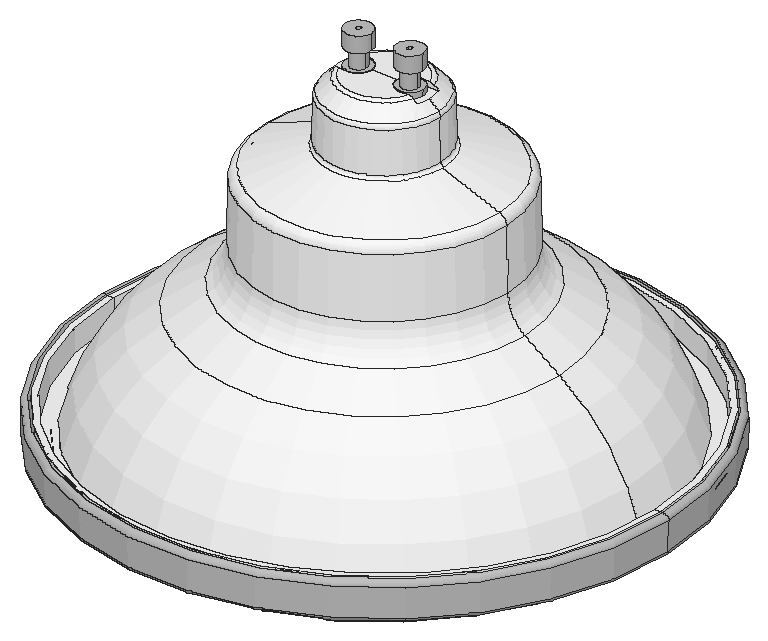
Revit family "STL21422_27_30_40", category Luminárias, Revit 2023
Family settings
  Cota do conector redondo = Utilizar diâmetro
  Tipo de parte = Normal
  Com base no plano de trabalho = Não
  Sempre na vertical = Sim
  Corte com vazios quando carregada = Não
  Fonte luminosa = Sim
  Manter orientação da anotação = Não
  Compartilhado = Não
  Ponto de cálculo do ambiente = Não
Parameters (values of type "STL21422/27 - BIVOLT - 2700K - 700lm - 10°")
  Ângulo de inclinação = 90.00°
  Ângulo de Abertura = "10°"
  Wattage = 4.71247 W
  URL = "https://stella.com.br/"
  Troca de temperatura da cor de lâmpada com esmaecimento = <Nenhum>
  Tensão Elétrica = "100V-240V"
  built-in parameter 1150107 = 2700 (stored number, unit not read)
  Temperatura da cor (K) = 2700 K
  Referência = "STL21422/27"
  Potência = 11 W
  built-in parameter 1150110 = 1 (stored number, unit not read)
  built-in parameter 1150109 = 1 (stored number, unit not read)
  built-in parameter 1114218 = 1 (stored number, unit not read)
  built-in parameter 1150112 = 1 (stored number, unit not read)
  built-in parameter 1150113 = 1 (stored number, unit not read)
  built-in parameter 1150142 = "IESNA:LM-63-2002\r\n[TEST] Viso BaseSpion - serial: 2183678036 sensor serial: 1483989726\r\n[TESTLAB] Viso BaseSpion - serial: 2183678036 sensor serial: 1483989726 - Test lab\r\n[MANUFAC] N/A\r\n[ISSUEDATE] 23/11/2021\r\n[LUMINAIRE] STELLA - STL21422/27 - AR111 PRO 10° 11W\r\n[LUMCAT] N/A\r\n[_SERIALNUMBER] VFR-211123-4417-MS\r\nTILT=NONE\r\n1 750 1 91 1 1 2 -0.089 -0.089 0.069\r\n1.0 1.0 10.97\r\n0 1 2 3 4 5 6 7 8 9 10 11 12 13 14 15 16 17 18 19 20 21 22 23 24 25 26 27 28 29 30 31 32 33 34 35 36 37 38 39 40 41 42 43 44 45 46 47 48 49 50 51 52 53 54 55 56 57 58 59 60 61 62 63 64 65 66 67 68 69 70 71 72 73 74 75 76 77 78 79 80\r\n 81 82 83 84 85 86 87 88 89 90\r\n0 \r\n11697.701172 11395.264648 10560.015625 9352.648438 7900.870605 6360.287109 4875.999023 3544.212891 2443.962891 1623.86377 1060.729736 696.118469 477.663208 353.459106 284.181244 244.222961 219.323639 201.769791 188.219971 177.499512\r\n 168.725006 161.51593 155.697067 150.204819 144.357605 138.20282 132.492035 127.649124 123.017288 118.921402 115.134232 110.48037 104.392754 97.429138 90.474854 83.481697 77.07811 71.221184 65.825531 61.25304 57.180248 53.60289 49.733013\r\n 45.587173 41.541962 37.775192 35.850868 36.013527 37.532085 40.420471 45.049885 51.324116 58.987396 67.732094 77.48558 88.499062 97.67363 102.257881 102.884636 98.260727 85.898407 67.417404 47.405693 30.300114 16.647812 6.002938 1.121808\r\n 0.470619 0.403528 0.325399 0.346613 0.372404 0.371117 0.352985 0.325324 0.339929 0.367944 0.367902 0.402675 0.418654 0.402729 0.373529 0.325737 0.311782 0.347487 0.405184 0.350939 0.313241 0.34142 0.367122 0.251255\r\n"
  built-in parameter 1150132 = 2
  built-in parameter 1150137 = (empty or 0)
  Modelo = "AR111 PRO 10º 11W\r\nAR70 PRO 7º 4,7W\r\nAR 70 PRO 7º 4,7W"
  Luminoso [instance] = Luminoso - 2700K
  built-in parameter 1150106 = 217.91 (stored number, unit not read)
  built-in parameter 1150102 = (empty or 0)
  built-in parameter 1150105 = 21791.1 (stored number, unit not read)
  IRC (Índice de reprodução de cores) = ">95 (R9>80)"
  Grau de proteção (IP) = "IP20"
  Fluxo Luminoso = 700 lm
  Color Filter = 16777215
  built-in parameter 1114217 = 1 (stored number, unit not read)
  built-in parameter 1150139 = (empty or 0)
  Fabricante = "Stella"
  Estrutura [instance] = Al - Branco
  Default Elevation = 0.00 m
  built-in parameter 1150104 = 13.8 (stored number, unit not read)
  Diâmetro = 0.111 m
  Dimerização = "Não dimerizável"
  built-in parameter 1150115 = 1 (stored number, unit not read)
  built-in parameter 1150114 = 1 (stored number, unit not read)
  Cromado [instance] = Cromado
  Lumens = 700 lm
  built-in parameter 1150138 = (empty or 0)
  built-in parameter 1150134 = (empty or 0)
  Arquivo de rede fotométrica = "STELLA - STL21422-27 - AR111 PRO 10° 11W.ies"
  Altura = 0.073 m
  built-in parameter 1150133 = 10 (stored number, unit not read)
Types (4, lengths in m): name | Wattage | built-in parameter 1150107 | Temperatura da cor (K) | Referência | built-in parameter 1150142 | Luminoso | built-in parameter 1150106 | built-in parameter 1150105 | Fluxo Luminoso | Lumens | built-in parameter 1150134 | Arquivo de rede fotométrica
  (no name) | 4.71247 W | 2700 (stored number, unit not read) | 2700 K | "STL21422/27" | "IESNA:LM-63-2002\r\n[TEST] Viso BaseSpion - serial: 2183678036 sensor serial: 1483989726\r\n[TESTLAB] Viso BaseSpion - serial: 2183678036 sensor serial: 1483989726 - Test lab\r\n[MANUFAC] N/A\r\n[ISSUEDATE] 23/11/2021\r\n[LUMINAIRE] STELLA - STL21422/27 - AR111 PRO 10° 11W\r\n[LUMCAT] N/A\r\n[_SERIALNUMBER] VFR-211123-4417-MS\r\nTILT=NONE\r\n1 750 1 91 1 1 2 -0.089 -0.089 0.069\r\n1.0 1.0 10.97\r\n0 1 2 3 4 5 6 7 8 9 10 11 12 13 14 15 16 17 18 19 20 21 22 23 24 25 26 27 28 29 30 31 32 33 34 35 36 37 38 39 40 41 42 43 44 45 46 47 48 49 50 51 52 53 54 55 56 57 58 59 60 61 62 63 64 65 66 67 68 69 70 71 72 73 74 75 76 77 78 79 80\r\n 81 82 83 84 85 86 87 88 89 90\r\n0 \r\n11697.701172 11395.264648 10560.015625 9352.648438 7900.870605 6360.287109 4875.999023 3544.212891 2443.962891 1623.86377 1060.729736 696.118469 477.663208 353.459106 284.181244 244.222961 219.323639 201.769791 188.219971 177.499512\r\n 168.725006 161.51593 155.697067 150.204819 144.357605 138.20282 132.492035 127.649124 123.017288 118.921402 115.134232 110.48037 104.392754 97.429138 90.474854 83.481697 77.07811 71.221184 65.825531 61.25304 57.180248 53.60289 49.733013\r\n 45.587173 41.541962 37.775192 35.850868 36.013527 37.532085 40.420471 45.049885 51.324116 58.987396 67.732094 77.48558 88.499062 97.67363 102.257881 102.884636 98.260727 85.898407 67.417404 47.405693 30.300114 16.647812 6.002938 1.121808\r\n 0.470619 0.403528 0.325399 0.346613 0.372404 0.371117 0.352985 0.325324 0.339929 0.367944 0.367902 0.402675 0.418654 0.402729 0.373529 0.325737 0.311782 0.347487 0.405184 0.350939 0.313241 0.34142 0.367122 0.251255\r\n" | Luminoso - 2700K | 217.91 (stored number, unit not read) | 21791.1 (stored number, unit not read) | 700 lm | 700 lm | (empty or 0) | "STELLA - STL21422-27 - AR111 PRO 10° 11W.ies"
  STL21422/27 - BIVOLT - 2700K - 700lm - 10° | 4.71247 W | 2700 (stored number, unit not read) | 2700 K | "STL21422/27" | "IESNA:LM-63-2002\r\n[TEST] Viso BaseSpion - serial: 2183678036 sensor serial: 1483989726\r\n[TESTLAB] Viso BaseSpion - serial: 2183678036 sensor serial: 1483989726 - Test lab\r\n[MANUFAC] N/A\r\n[ISSUEDATE] 23/11/2021\r\n[LUMINAIRE] STELLA - STL21422/27 - AR111 PRO 10° 11W\r\n[LUMCAT] N/A\r\n[_SERIALNUMBER] VFR-211123-4417-MS\r\nTILT=NONE\r\n1 750 1 91 1 1 2 -0.089 -0.089 0.069\r\n1.0 1.0 10.97\r\n0 1 2 3 4 5 6 7 8 9 10 11 12 13 14 15 16 17 18 19 20 21 22 23 24 25 26 27 28 29 30 31 32 33 34 35 36 37 38 39 40 41 42 43 44 45 46 47 48 49 50 51 52 53 54 55 56 57 58 59 60 61 62 63 64 65 66 67 68 69 70 71 72 73 74 75 76 77 78 79 80\r\n 81 82 83 84 85 86 87 88 89 90\r\n0 \r\n11697.701172 11395.264648 10560.015625 9352.648438 7900.870605 6360.287109 4875.999023 3544.212891 2443.962891 1623.86377 1060.729736 696.118469 477.663208 353.459106 284.181244 244.222961 219.323639 201.769791 188.219971 177.499512\r\n 168.725006 161.51593 155.697067 150.204819 144.357605 138.20282 132.492035 127.649124 123.017288 118.921402 115.134232 110.48037 104.392754 97.429138 90.474854 83.481697 77.07811 71.221184 65.825531 61.25304 57.180248 53.60289 49.733013\r\n 45.587173 41.541962 37.775192 35.850868 36.013527 37.532085 40.420471 45.049885 51.324116 58.987396 67.732094 77.48558 88.499062 97.67363 102.257881 102.884636 98.260727 85.898407 67.417404 47.405693 30.300114 16.647812 6.002938 1.121808\r\n 0.470619 0.403528 0.325399 0.346613 0.372404 0.371117 0.352985 0.325324 0.339929 0.367944 0.367902 0.402675 0.418654 0.402729 0.373529 0.325737 0.311782 0.347487 0.405184 0.350939 0.313241 0.34142 0.367122 0.251255\r\n" | Luminoso - 2700K | 217.91 (stored number, unit not read) | 21791.1 (stored number, unit not read) | 700 lm | 700 lm | (empty or 0) | "STELLA - STL21422-27 - AR111 PRO 10° 11W.ies"
  STL21422/30 - BIVOLT - 3000K - 720lm - 10° | 4.84712 W | 3000 (stored number, unit not read) | 3000 K | "STL21422/30" | "IESNA:LM-63-2002\r\n[TEST] Viso BaseSpion - serial: 2183678036 sensor serial: 1483989726\r\n[TESTLAB] Viso BaseSpion - serial: 2183678036 sensor serial: 1483989726 - Test lab\r\n[MANUFAC] See\r\n[ISSUEDATE] 23/11/2021\r\n[LUMINAIRE] STELLA - STL21422/30 - AR111 PRO 10° 11W\r\n[LUMCAT] N/A\r\n[_SERIALNUMBER] VFR-211123-4419-MS\r\nTILT=NONE\r\n1 827 1 91 3 1 2 -0.089 -0.089 0.069\r\n1.0 1.0 11.22\r\n0 1 2 3 4 5 6 7 8 9 10 11 12 13 14 15 16 17 18 19 20 21 22 23 24 25 26 27 28 29 30 31 32 33 34 35 36 37 38 39 40 41 42 43 44 45 46 47 48 49 50 51 52 53 54 55 56 57 58 59 60 61 62 63 64 65 66 67 68 69 70 71 72 73 74 75 76 77 78 79 80\r\n 81 82 83 84 85 86 87 88 89 90\r\n0 45 90 \r\n14336.496094 13927.223633 12680.427734 10999.682617 9125.163086 7192.825195 5318.276367 3643.226074 2288.655273 1351.159912 796.796326 508.441986 365.417572 291.327393 250.631882 225.5056 208.140457 197.293762 190.497101 184.793854\r\n 178.60054 171.839691 165.153381 158.558365 152.409042 145.990265 139.890396 134.997894 130.246124 124.9925 121.271507 118.292137 114.21106 109.179787 103.599396 96.408882 88.441711 81.302559 74.242577 68.19281 64.211647 60.935368\r\n 55.732178 48.94735 42.612408 37.988159 35.006145 33.330753 33.458004 34.860462 38.185078 44.198105 53.255211 65.277756 79.703346 95.728317 111.640907 122.544571 122.012749 109.642303 90.649368 68.569443 45.347469 23.233086 7.355046\r\n 1.368076 0.751219 0.562369 0.566202 0.648038 0.61337 0.617568 0.69466 0.730509 0.634276 0.585473 0.575653 0.598247 0.5272 0.373708 0.442741 0.490782 0.445168 0.5741 0.562444 0.666147 0.699982 0.550023 0.490609 0.44852 0.259444\r\n14336.496094 13778.291992 12677.858398 11097.091797 9242.421875 7321.322754 5480.236816 3839.204102 2518.526367 1573.138428 971.731323 623.628723 435.996857 337.070404 280.99823 246.455093 223.821152 208.040756 196.371094 187.544083\r\n 179.74147 172.568558 166.007187 159.26741 152.403168 145.588882 139.451599 134.060974 129.18779 125.101295 122.363861 119.872314 116.580025 111.351692 104.105743 95.373573 86.816147 78.819618 71.198891 65.345215 61.316071 57.483017\r\n 52.995426 47.616604 42.004845 38.02412 35.764992 34.963215 35.42107 37.422024 41.788197 47.986813 56.702984 67.77533 81.042252 96.551292 111.178093 120.256882 121.940674 114.995651 100.227104 80.517357 58.167568 35.943375 17.933186\r\n 6.903247 1.893008 0.721504 0.644245 0.629917 0.618799 0.577538 0.529461 0.561126 0.637822 0.620576 0.469027 0.442619 0.582053 0.504689 0.359015 0.515123 0.580378 0.476671 0.476105 0.586363 0.582463 0.623643 0.613757 0.575051 0.32448\r\n14336.496094 14028.943359 12918.055664 11414.169922 9609.884766 7679.35498 5835.850098 4249.276855 2960.162109 1955.039063 1235.25061 780.922058 524.925232 387.528809 312.989044 268.842896 239.023682 217.508957 200.735352 187.99913\r\n 178.64473 170.342422 162.210327 154.790253 147.684814 141.111588 134.779053 130.01358 127.143837 125.737473 125.096962 123.421173 119.238365 112.283936 104.172699 94.701553 86.219727 78.603691 71.762199 65.59494 61.271091 56.413254\r\n 49.979221 44.659492 41.180889 39.154167 37.053844 36.148827 37.349529 41.840179 48.643169 57.104889 65.687477 75.154465 85.637253 98.429268 109.981613 115.567413 116.869919 113.091934 103.809166 86.922379 65.934792 43.765854 29.408089\r\n 18.334995 7.916929 1.835283 0.654782 0.67158 0.526756 0.461012 0.465743 0.57417 0.822002 0.671718 0.56103 0.720285 0.639631 0.592689 0.641101 0.615942 0.68195 0.616152 0.700334 0.444723 0.541052 0.47445 0.509997 0.615533 0.469673\r\n" | Luminoso - 3000K | 112.3 (stored number, unit not read) | 11229.8 (stored number, unit not read) | 720 lm | 720 lm | (empty or 0) | "STELLA - STL21422-30 - AR111 PRO 10° 11W.ies"
  STL21422/40 - BIVOLT - 4000K - 740lm - 10° | 4.98176 W | 4000 (stored number, unit not read) | 4000 K | "STL21422/40" | "IESNA:LM-63-2002\r\n[TEST] Viso BaseSpion - serial: 2183678036 sensor serial: 1483989726\r\n[TESTLAB] Viso BaseSpion - serial: 2183678036 sensor serial: 1483989726 - Test lab\r\n[MANUFAC] N/A\r\n[ISSUEDATE] 06/06/2023\r\n[LUMINAIRE] STELLA - STL21422/40 - AR111 PRO 10°\r\n[LUMCAT] N/A\r\n[_SERIALNUMBER] VFR-230606-9274-MS\r\nTILT=NONE\r\n1 740 1 91 1 1 2 -0.089 -0.089 0\r\n1.0 1.0 10.79\r\n0 1 2 3 4 5 6 7 8 9 10 11 12 13 14 15 16 17 18 19 20 21 22 23 24 25 26 27 28 29 30 31 32 33 34 35 36 37 38 39 40 41 42 43 44 45 46 47 48 49 50 51 52 53 54 55 56 57 58 59 60 61 62 63 64 65 66 67 68 69 70 71 72 73 74 75 76 77 78 79 80\r\n 81 82 83 84 85 86 87 88 89 90\r\n0 \r\n13867.663086 13381.628906 12181.44043 10531.922852 8697.758789 6820.490234 4996.44043 3366.042969 2080.511719 1210.485352 709.056091 454.974091 337.965149 284.740234 259.181854 245.727951 235.040802 223.394363 212.258514 201.573959\r\n 191.677032 182.695313 174.050354 164.977524 156.575867 151.16127 146.108963 139.69075 133.459656 127.64257 122.739128 117.06971 109.986687 101.40757 91.840302 82.206429 71.75013 61.098259 50.203201 40.699894 34.366096 31.282974 29.322763\r\n 27.000261 24.090405 21.026272 18.854881 17.316051 16.967255 18.017231 21.545118 27.979399 37.980122 50.378765 65.134758 80.986526 97.418579 112.879303 120.921005 116.257454 102.946236 85.566147 65.510948 41.809616 17.627676 3.471444\r\n 0.491877 0.303419 0.284788 0.283702 0.319199 0.252956 0.265335 0.264575 0.289064 0.251251 0.224156 0.255411 0.254892 0.225427 0.216105 0.256464 0.224877 0.224021 0.226721 0.298329 0.24962 0.287474 0.228165 0.196396 0.188336\r\n" | Luminoso - 4000K | 138.68 (stored number, unit not read) | 13867.7 (stored number, unit not read) | 740 lm | 740 lm | 12 | "STELLA - STL21422-40 - AR111 PRO 10°.ies"
Reference planes (m)
  plane 1 "Centro (Frente/Trás)": y = 0
  plane 2: z = 0
  plane 3 "Centro (Esquerda/Direita)": x = 0
  plane 4: x = 0.0555
  plane 5: x = -0.0555
  plane 6 "Superior": z = 0.069061
  plane 7 "Base": z = -0.003939
  plane 8: y = 0.0555
  plane 9: y = -0.0555
Forms (m)
  Revolve 1, solid, material "Al - Branco" <- "Estrutura"
    sketch origin (0, 0, 0) x (1, 0, 0) y (0, 0, 1)
      loop
        line (0.007285, 0.06273) -> (0, 0.06273) -> (0, 0.06113) -> (0.007693, 0.06113) -> (0.009652, 0.059171) -> (0.009795, 0.051003)
        arc (0.009795, 0.051003) -> (0.010072, 0.050161) -> (0.010775, 0.049622) r 0.0015
        line (0.010775, 0.049622) -> (0.022, 0.04548)
        arc (0.022, 0.04548) -> (0.022375, 0.045192) -> (0.022523, 0.044743) r 0.0008
        line (0.022523, 0.044743) -> (0.022724, 0.033247)
        arc (0.022724, 0.033247) -> (0.023752, 0.029177) -> (0.026481, 0.025988) r 0.0092
        arc (0.026481, 0.025988) -> (0.029879, 0.023602) -> (0.033372, 0.021357) r 0.1012
        arc (0.033372, 0.021357) -> (0.043002, 0.012443) -> (0.048493, 0.000524) r 0.03367
        arc (0.048493, 0.000524) -> (0.048717, 0.000171) -> (0.049111, 0.00003) r 0.000645
        line (0.049111, 0.00003) -> (0.053097, 0.00003) -> (0.053658, 0.000966) -> (0.053658, 0.004405) -> (0.053599, 0.00553) -> (0.052541, 0.00553) -> (0.052428, 0.00123) -> (0.049555, 0.00123)
        arc (0.049555, 0.00123) -> (0.043844, 0.013325) -> (0.034, 0.02238) r 0.03487
        arc (0.034, 0.02238) -> (0.030549, 0.024598) -> (0.027191, 0.026956) r 0.1
        arc (0.027191, 0.026956) -> (0.024818, 0.029729) -> (0.023923, 0.033268) r 0.008
        line (0.023923, 0.033268) -> (0.023723, 0.044764)
        arc (0.023723, 0.044764) -> (0.023354, 0.045887) -> (0.022415, 0.046605) r 0.002
        line (0.022415, 0.046605) -> (0.011441, 0.050654)
        arc (0.011441, 0.050654) -> (0.011096, 0.050932) -> (0.010989, 0.051361) r 0.000694
        line (0.010989, 0.051361) -> (0.010853, 0.059153)
        arc (0.010853, 0.059153) -> (0.010757, 0.059629) -> (0.010487, 0.060033) r 0.00125
        line (0.010487, 0.060033) -> (0.008083, 0.062437)
        arc (0.008083, 0.062437) -> (0.007716, 0.062671) -> (0.007285, 0.06273) r 0.001012
      axis (0, 0.06273) -> (0, 0.00003)
    angle from 0 to 360
  Revolve 2, solid, material "Cromado" <- "Cromado"
    sketch origin (0, 0, 0) x (1, 0, 0) y (0, 0, 1)
      loop
        line (0.054096, 0.005561) -> (0.053701, 0.004561) -> (0.054001, 0.00375) -> (0.053798, -0.000139) -> (0.050537, -0.000139)
        arc (0.050537, -0.000139) -> (0.050464, -0.000543) -> (0.050177, -0.000839) r 0.000705
        line (0.050177, -0.000839) -> (0.049377, -0.000839) -> (0.049288, -0.002539) -> (0.047504, -0.002539)
        arc (0.047504, -0.002539) -> (0.046652, -0.002206) -> (0.045847, -0.001774) r 0.0076
        arc (0.045847, -0.001774) -> (0.037327, 0.011832) -> (0.027196, 0.024285) r 0.130023
        line (0.027196, 0.024285) -> (0.025493, 0.02558)
        arc (0.025493, 0.02558) -> (0.025099, 0.025834) -> (0.024636, 0.025909) r 0.001143
        line (0.024636, 0.025909) -> (0.02024, 0.025909) -> (0.020198, 0.026708) -> (0.018699, 0.026708) -> (0.01875, 0.024759) -> (0.024373, 0.024759)
        arc (0.024373, 0.024759) -> (0.024777, 0.024674) -> (0.025112, 0.024432) r 0.001
        arc (0.025112, 0.024432) -> (0.035614, 0.01181) -> (0.04443, -0.002043) r 0.129217
        arc (0.04443, -0.002043) -> (0.044708, -0.002406) -> (0.04506, -0.002696) r 0.002
        arc (0.04506, -0.002696) -> (0.046536, -0.003463) -> (0.04813, -0.003939) r 0.0088
        line (0.04813, -0.003939) -> (0.050354, -0.003939)
        arc (0.050354, -0.003939) -> (0.050706, -0.003794) -> (0.050854, -0.003443) r 0.0005
        line (0.050854, -0.003443) -> (0.050867, -0.001934)
        arc (0.050867, -0.001934) -> (0.051015, -0.001583) -> (0.051367, -0.001439) r 0.0005
        line (0.051367, -0.001439) -> (0.054482, -0.001439)
        arc (0.054482, -0.001439) -> (0.054898, -0.001279) -> (0.055079, -0.000873) r 0.000581
        line (0.055079, -0.000873) -> (0.05522, 0.00453)
        arc (0.05522, 0.00453) -> (0.054893, 0.005302) -> (0.054096, 0.005561) r 0.001011
      axis (0, 0.026708) -> (0, -0.003939)
    angle from 0 to 360
  Revolve 3, solid, material "Cromado" <- "Cromado"
    sketch origin (0, 0, 0) x (1, 0, 0) y (0, 0, 1)
      loop
        line (-0.01728, 0.008359) -> (0, 0.008359) -> (0, 0.018349) -> (-0.003355, 0.018349) -> (-0.00346, 0.016349) -> (-0.007257, 0.016349) -> (-0.009669, 0.025349) -> (-0.01429, 0.025349) -> (-0.0145, 0.028349) -> (-0.02295, 0.028349) -> (-0.02295, 0.026909) -> (-0.0185, 0.026909) -> (-0.017653, 0.026909)
        arc (-0.017653, 0.026909) -> (-0.013689, 0.020076) -> (-0.007514, 0.015149) r 0.021376
        line (-0.007514, 0.015149) -> (-0.002908, 0.015149) -> (-0.002682, 0.010829) -> (-0.010118, 0.010061) -> (-0.017906, 0.010061) -> (-0.017846, 0.008926)
        arc (-0.017846, 0.008926) -> (-0.01768, 0.008525) -> (-0.01728, 0.008359) r 0.000567
      axis (0, 0.028349) -> (0, 0.008359)
    angle from 0 to 360
  Extrusion 4, void
    sketch origin (0, -0.129323, 0) x (1, 0, 0) y (0, 1, 0)
      loop
        arc (-0.002358, 0.129323) -> (-0.003131, 0.131192) -> (-0.005, 0.131966) r 0.002642
        line (-0.005, 0.131966) -> (-0.008729, 0.131966)
        arc (-0.008729, 0.131966) -> (-0.009022, 0.130744) -> (-0.009136, 0.129493) r 0.008759
        arc (-0.009136, 0.129493) -> (-0.009047, 0.12807) -> (-0.008729, 0.126681) r 0.008759
        line (-0.008729, 0.126681) -> (-0.005, 0.126681)
        arc (-0.005, 0.126681) -> (-0.003131, 0.127455) -> (-0.002358, 0.129323) r 0.002642
    from 0.06173 to 0.063022
  Extrusion 5, solid, material "Cromado" <- "Cromado"
    sketch origin (0, 0, 0) x (1, 0, 0) y (0, 1, 0)
      loop
        circle (-0.005, 0) r 0.0025
    from 0.06173 to 0.06273
  Extrusion 6, solid, material "Cromado" <- "Cromado"
    sketch origin (0, 0, 0) x (1, 0, 0) y (0, 1, 0)
      loop
        circle (-0.005, 0) r 0.0015
    from 0.066126 to 0.06173
  Extrusion 7, solid, material "Cromado" <- "Cromado"
    sketch origin (0, 0, 0) x (1, 0, 0) y (0, 1, 0)
      loop
        circle (-0.005, 0) r 0.0025
    from 0.066126 to 0.069061
  Extrusion 8, solid, material "Cromado" <- "Cromado"
    sketch origin (0, 0, 0) x (-1, 0, 0) y (0, -1, 0)
      loop
        circle (-0.005, 0) r 0.0025
    from 0.06173 to 0.06273
  Extrusion 9, solid, material "Cromado" <- "Cromado"
    sketch origin (0, 0, 0) x (-1, 0, 0) y (0, -1, 0)
      loop
        circle (-0.005, 0) r 0.0015
    from 0.06173 to 0.066126
  Extrusion 10, solid, material "Cromado" <- "Cromado"
    sketch origin (0, 0, 0) x (-1, 0, 0) y (0, -1, 0)
      loop
        circle (-0.005, 0) r 0.0025
    from 0.066126 to 0.069061
  Extrusion 11, void
    sketch origin (0, -0.129323, 0) x (-1, 0, 0) y (0, -1, 0)
      loop
        arc (-0.002358, -0.129323) -> (-0.003131, -0.127455) -> (-0.005, -0.126681) r 0.002642
        line (-0.005, -0.126681) -> (-0.008729, -0.126681)
        arc (-0.008729, -0.126681) -> (-0.009047, -0.12807) -> (-0.009136, -0.129493) r 0.008759
        arc (-0.009136, -0.129493) -> (-0.009022, -0.130744) -> (-0.008729, -0.131966) r 0.008759
        line (-0.008729, -0.131966) -> (-0.005, -0.131966)
        arc (-0.005, -0.131966) -> (-0.003131, -0.131192) -> (-0.002358, -0.129323) r 0.002642
    from 0.06173 to 0.063022
  Extrusion 12, void
    sketch origin (0, 0, 0) x (1, 0, 0) y (0, 1, 0)
      loop
        circle (-0.005, 0) r 0.00045
    from 0.06173 to 0.069061
  Extrusion 13, void
    sketch origin (0, 0, 0) x (-1, 0, 0) y (0, -1, 0)
      loop
        circle (-0.005, 0) r 0.00045
    from 0.06173 to 0.069061
  Revolve 14, solid, material "Luminoso - 2700K" <- "Luminoso"
    sketch origin (0, 0, 0.002657) x (1, 0, 0) y (0, 0, 1)
      loop
        arc (-0.0185, 0.024252) -> (-0.014322, 0.016927) -> (-0.007711, 0.011692) r 0.022176
        line (-0.007711, 0.011692) -> (-0.003667, 0.011692) -> (-0.00352, 0.00889) -> (-0.017906, 0.007405) -> (-0.010118, 0.007405) -> (-0.002682, 0.008173) -> (-0.002908, 0.012492) -> (-0.007514, 0.012492)
        arc (-0.007514, 0.012492) -> (-0.013689, 0.017419) -> (-0.017653, 0.024252) r 0.021376
        line (-0.017653, 0.024252) -> (-0.0185, 0.024252)
      axis (0, 0.024252) -> (0, 0.007405)
    angle from 0 to 360
Cuts and joins
  Extrusion 4, Extrusion 11 cuts Revolve 1
  Extrusion 12, Extrusion 13 cuts Extrusion 5
  Extrusion 11, Extrusion 12, Extrusion 13 cuts Extrusion 6
  Extrusion 12, Extrusion 13 cuts Extrusion 7
  joined: Extrusion 5, Extrusion 6, Extrusion 7
  Extrusion 13 cuts Extrusion 8
  Extrusion 13 cuts Extrusion 9
  Extrusion 13 cuts Extrusion 10
  joined: Extrusion 8, Extrusion 9, Extrusion 10
Lines and regions (m)
  model lines
    curve 1: line (0, 0.001599, 0.0553) -> (0, -0.004963, 0.0553)
    curve 2: line (0.006069, 0, 0.063061) -> (0.006069, 0, 0.060161)
Dimensions and locks (m)
  "Altura": plane 6 "Superior" to plane 7 "Base"
  "Diâmetro": plane 5 to plane 4
  aligned and locked: level to plane 2
  aligned and locked: Extrusion 7 to Extrusion 12
  aligned and locked: Extrusion 10 to cut or joined group of Extrusion 5, Extrusion 6, Extrusion 7, Extrusion 11, Extrusion 12, Extrusion 13
Automatic sketch dimensions
  curve 1 to plane 1 "Centro (Frente/Trás)" = 0.001599 m
  plane 1 "Centro (Frente/Trás)" to curve 1 = 0.004963 m
  Extrusion 4 sketch curve to Extrusion 4 sketch curve = 0.00 m  (x4)
  plane 1 "Centro (Frente/Trás)" to Extrusion 4 sketch curve = 0.00 m  (x2)
  plane 1 "Centro (Frente/Trás)" to Extrusion 4 sketch curve = 0.002642 m
  Extrusion 4 sketch curve to plane 3 "Centro (Esquerda/Direita)" = 0.008729 m
  Extrusion 4 sketch curve to Extrusion 4 sketch curve = 0.003729 m
  Extrusion 4 sketch curve to plane 3 "Centro (Esquerda/Direita)" = 0.000379 m
  Extrusion 4 sketch curve to plane 1 "Centro (Frente/Trás)" = 0.00017 m
  plane 1 "Centro (Frente/Trás)" to Extrusion 5 sketch curve = 0.00 m
  Extrusion 5 sketch curve to plane 3 "Centro (Esquerda/Direita)" = 0.005 m
  plane 1 "Centro (Frente/Trás)" to Extrusion 6 sketch curve = 0.00 m
  Extrusion 6 sketch curve to plane 3 "Centro (Esquerda/Direita)" = 0.005 m
  plane 1 "Centro (Frente/Trás)" to Extrusion 7 sketch curve = 0.00 m
  Extrusion 7 sketch curve to plane 3 "Centro (Esquerda/Direita)" = 0.005 m
  plane 1 "Centro (Frente/Trás)" to Extrusion 8 sketch curve = 0.00 m
  plane 3 "Centro (Esquerda/Direita)" to Extrusion 8 sketch curve = 0.005 m
  plane 1 "Centro (Frente/Trás)" to Extrusion 9 sketch curve = 0.00 m
  plane 3 "Centro (Esquerda/Direita)" to Extrusion 9 sketch curve = 0.005 m
  plane 1 "Centro (Frente/Trás)" to Extrusion 10 sketch curve = 0.00 m
  plane 3 "Centro (Esquerda/Direita)" to Extrusion 10 sketch curve = 0.005 m
  Extrusion 11 sketch curve to Extrusion 11 sketch curve = 0.00 m  (x4)
  plane 1 "Centro (Frente/Trás)" to Extrusion 11 sketch curve = 0.00 m  (x2)
  plane 1 "Centro (Frente/Trás)" to Extrusion 11 sketch curve = 0.002642 m
  plane 3 "Centro (Esquerda/Direita)" to Extrusion 11 sketch curve = 0.008729 m
  Extrusion 11 sketch curve to Extrusion 11 sketch curve = 0.003729 m
  plane 3 "Centro (Esquerda/Direita)" to Extrusion 11 sketch curve = 0.000379 m
  Extrusion 11 sketch curve to plane 1 "Centro (Frente/Trás)" = 0.00017 m
  plane 1 "Centro (Frente/Trás)" to Extrusion 12 sketch curve = 0.00 m
  Extrusion 12 sketch curve to plane 3 "Centro (Esquerda/Direita)" = 0.005 m
  plane 1 "Centro (Frente/Trás)" to Extrusion 13 sketch curve = 0.00 m
  plane 3 "Centro (Esquerda/Direita)" to Extrusion 13 sketch curve = 0.005 m
  level to curve 1 = 0.0553 m
  Revolve 1 sketch curve to Revolve 1 sketch curve = 0.00 m  (x13)
  Revolve 1 sketch curve to plane 3 "Centro (Esquerda/Direita)" = 0.00 m  (x2)
  Revolve 1 sketch curve to Revolve 1 sketch curve = 0.007285 m
  Revolve 1 sketch curve to Revolve 1 sketch curve = 0.000083 m
  Revolve 1 sketch curve to Revolve 1 sketch curve = 0.000325 m
  Revolve 1 sketch curve to Revolve 1 sketch curve = 0.000799 m
  Revolve 1 sketch curve to Revolve 1 sketch curve = 0.00191 m
  Revolve 1 sketch curve to Revolve 1 sketch curve = 0.000049 m
  Revolve 1 sketch curve to Revolve 1 sketch curve = 0.000192 m
  Revolve 1 sketch curve to Revolve 1 sketch curve = 0.000835 m
  Revolve 1 sketch curve to Revolve 1 sketch curve = 0.00098 m
  Revolve 1 sketch curve to Revolve 1 sketch curve = 0.000366 m
  Revolve 1 sketch curve to Revolve 1 sketch curve = 0.001194 m
  Revolve 1 sketch curve to Revolve 1 sketch curve = 0.000306 m
  Revolve 1 sketch curve to Revolve 1 sketch curve = 0.000146 m
  Revolve 1 sketch curve to Revolve 1 sketch curve = 0.000386 m
  Revolve 1 sketch curve to plane 7 "Base" = 0.003396 m
  plane 3 "Centro (Esquerda/Direita)" to Revolve 1 sketch curve = 0.015752 m
  Revolve 1 sketch curve to Revolve 1 sketch curve = 0.010282 m
  Revolve 1 sketch curve to Revolve 1 sketch curve = 0.000277 m
  Revolve 1 sketch curve to Revolve 1 sketch curve = 0.0008 m
  Revolve 1 sketch curve to Revolve 1 sketch curve = 0.000201 m
  Revolve 1 sketch curve to Revolve 1 sketch curve = 0.0012 m  (x2)
  Revolve 1 sketch curve to Revolve 1 sketch curve = 0.007999 m
  level to Revolve 1 sketch curve = 0.00003 m
  Revolve 1 sketch curve to Revolve 1 sketch curve = 0.000009 m
  Revolve 1 sketch curve to Revolve 1 sketch curve = 0.000435 m
  level to Revolve 1 sketch curve = 0.00123 m
  Revolve 1 sketch curve to Revolve 1 sketch curve = 0.002873 m
  Revolve 1 sketch curve to plane 4 = 0.002959 m
  Revolve 1 sketch curve to Revolve 1 sketch curve = 0.000669 m
  plane 4 to Revolve 1 sketch curve = 0.03083 m
  Revolve 1 sketch curve to Revolve 1 sketch curve = 0.000645 m
  Revolve 1 sketch curve to Revolve 1 sketch curve = 0.0043 m
  level to Revolve 1 sketch curve = 0.033247 m
  Revolve 1 sketch curve to Revolve 1 sketch curve = 0.000021 m  (x3)
  Revolve 1 sketch curve to Revolve 1 sketch curve = 0.00014 m
  Revolve 1 sketch curve to Revolve 1 sketch curve = 0.000014 m
  Revolve 1 sketch curve to Revolve 1 sketch curve = 0.004143 m
  Revolve 1 sketch curve to Revolve 1 sketch curve = 0.001032 m
  Revolve 1 sketch curve to Revolve 1 sketch curve = 0.000349 m
  Revolve 1 sketch curve to Revolve 1 sketch curve = 0.000276 m
  Revolve 1 sketch curve to Revolve 1 sketch curve = 0.007789 m
  Revolve 1 sketch curve to Revolve 1 sketch curve = 0.000003 m
  Revolve 1 sketch curve to Revolve 1 sketch curve = 0.00198 m
  Revolve 1 sketch curve to Revolve 1 sketch curve = 0.000592 m
  Revolve 1 sketch curve to Revolve 1 sketch curve = 0.000715 m
  plane 6 "Superior" to Revolve 1 sketch curve = 0.038533 m
  Revolve 1 sketch curve to Revolve 1 sketch curve = 0.000415 m
  Revolve 1 sketch curve to Revolve 1 sketch curve = 0.001058 m
  Revolve 1 sketch curve to Revolve 1 sketch curve = 0.000561 m
  Revolve 1 sketch curve to Revolve 1 sketch curve = 0.000059 m
  Revolve 1 sketch curve to plane 7 "Base" = 0.000017 m
  level to Revolve 1 sketch curve = 0.000966 m
  Revolve 1 sketch curve to Revolve 1 sketch curve = 0.001125 m
  Revolve 1 sketch curve to Revolve 1 sketch curve = 0.00473 m
  Revolve 1 sketch curve to Revolve 1 sketch curve = 0.011482 m
  Revolve 2 sketch curve to Revolve 2 sketch curve = 0.00 m  (x2)
  Revolve 2 sketch curve to plane 3 "Centro (Esquerda/Direita)" = 0.00 m
  Revolve 2 sketch curve to plane 7 "Base" = 0.00 m
  Revolve 2 sketch curve to plane 5 = 0.012903 m
  Revolve 2 sketch curve to Revolve 2 sketch curve = 0.000368 m
  plane 3 "Centro (Esquerda/Direita)" to Revolve 2 sketch curve = 0.018699 m
  Revolve 2 sketch curve to Revolve 2 sketch curve = 0.000051 m
  Revolve 2 sketch curve to Revolve 2 sketch curve = 0.001499 m
  Revolve 2 sketch curve to Revolve 2 sketch curve = 0.000042 m
  Revolve 2 sketch curve to Revolve 2 sketch curve = 0.004133 m
  Revolve 2 sketch curve to Revolve 2 sketch curve = 0.000263 m
  Revolve 2 sketch curve to Revolve 2 sketch curve = 0.000316 m
  Revolve 2 sketch curve to Revolve 2 sketch curve = 0.000857 m
  Revolve 2 sketch curve to Revolve 2 sketch curve = 0.001703 m
  Revolve 2 sketch curve to level = 0.001016 m
  Revolve 2 sketch curve to plane 4 = 0.009354 m
  Revolve 2 sketch curve to Revolve 2 sketch curve = 0.001357 m
  Revolve 2 sketch curve to Revolve 2 sketch curve = 0.000626 m
  plane 7 "Base" to Revolve 2 sketch curve = 0.0014 m
  Revolve 2 sketch curve to Revolve 2 sketch curve = 0.001784 m
  Revolve 2 sketch curve to level = 0.000839 m
  Revolve 2 sketch curve to Revolve 2 sketch curve = 0.000089 m
  Revolve 2 sketch curve to level = 0.000221 m
  Revolve 2 sketch curve to Revolve 2 sketch curve = 0.000459 m
  Revolve 2 sketch curve to Revolve 2 sketch curve = 0.000002 m
  Revolve 2 sketch curve to Revolve 2 sketch curve = 0.000341 m
  Revolve 2 sketch curve to Revolve 2 sketch curve = 0.001066 m
  Revolve 2 sketch curve to level = 0.000139 m
  plane 7 "Base" to Revolve 2 sketch curve = 0.000496 m
  Revolve 2 sketch curve to Revolve 2 sketch curve = 0.0005 m  (x2)
  Revolve 2 sketch curve to level = 0.001934 m
  Revolve 2 sketch curve to Revolve 2 sketch curve = 0.00069 m
  Revolve 2 sketch curve to plane 4 = 0.001799 m
  Revolve 2 sketch curve to plane 4 = 0.001702 m
  Revolve 2 sketch curve to Revolve 2 sketch curve = 0.0003 m
  Revolve 2 sketch curve to Revolve 2 sketch curve = 0.000395 m
  Revolve 2 sketch curve to Revolve 2 sketch curve = 0.000509 m  (x2)
  Revolve 2 sketch curve to plane 4 = 0.001018 m
  Revolve 2 sketch curve to Revolve 2 sketch curve = 0.000016 m
  Revolve 2 sketch curve to plane 4 = 0.000421 m
  Revolve 2 sketch curve to plane 4 = 0.00028 m
  Revolve 2 sketch curve to Revolve 2 sketch curve = 0.000004 m
  Revolve 2 sketch curve to Revolve 2 sketch curve = 0.000566 m
  level to Revolve 2 sketch curve = 0.00375 m
  Revolve 2 sketch curve to Revolve 2 sketch curve = 0.00078 m
  Revolve 2 sketch curve to Revolve 2 sketch curve = 0.000807 m
  Revolve 2 sketch curve to Revolve 2 sketch curve = 0.000005 m
  Revolve 2 sketch curve to Revolve 2 sketch curve = 0.000133 m
  level to Revolve 2 sketch curve = 0.023759 m
  Revolve 2 sketch curve to Revolve 2 sketch curve = 0.000526 m
  Revolve 2 sketch curve to Revolve 2 sketch curve = 0.001 m
  Revolve 2 sketch curve to Revolve 2 sketch curve = 0.000009 m
  Revolve 2 sketch curve to Revolve 2 sketch curve = 0.000812 m
  Revolve 2 sketch curve to Revolve 2 sketch curve = 0.000799 m
  Revolve 2 sketch curve to plane 7 "Base" = 0.004033 m
  Revolve 2 sketch curve to plane 6 "Superior" = 0.005438 m
  Revolve 2 sketch curve to plane 7 "Base" = 0.059907 m
  Revolve 2 sketch curve to Revolve 2 sketch curve = 0.000423 m
  Revolve 2 sketch curve to Revolve 2 sketch curve = 0.00063 m
  Revolve 3 sketch curve to plane 3 "Centro (Esquerda/Direita)" = 0.00 m  (x2)
  Revolve 3 sketch curve to plane 3 "Centro (Esquerda/Direita)" = 0.002682 m
  Revolve 3 sketch curve to plane 3 "Centro (Esquerda/Direita)" = 0.002908 m
  Revolve 3 sketch curve to Revolve 3 sketch curve = 0.000447 m
  Revolve 3 sketch curve to Revolve 3 sketch curve = 0.000552 m
  Revolve 3 sketch curve to Revolve 3 sketch curve = 0.003797 m
  Revolve 3 sketch curve to Revolve 3 sketch curve = 0.000257 m
  Revolve 3 sketch curve to Revolve 3 sketch curve = 0.002412 m
  Revolve 3 sketch curve to Revolve 3 sketch curve = 0.004622 m
  Revolve 3 sketch curve to Revolve 3 sketch curve = 0.00021 m
  Revolve 3 sketch curve to Revolve 3 sketch curve = 0.009766 m
  Revolve 3 sketch curve to Revolve 3 sketch curve = 0.003153 m
  Revolve 3 sketch curve to Revolve 3 sketch curve = 0.000567 m
  Revolve 3 sketch curve to Revolve 3 sketch curve = 0.00006 m
  Revolve 3 sketch curve to Revolve 3 sketch curve = 0.000847 m
  Revolve 3 sketch curve to Revolve 3 sketch curve = 0.00445 m
  plane 3 "Centro (Esquerda/Direita)" to Revolve 3 sketch curve = 0.0025 m
  level to Revolve 3 sketch curve = 0.008359 m
  Revolve 3 sketch curve to Revolve 3 sketch curve = 0.001136 m
  Revolve 3 sketch curve to Revolve 3 sketch curve = 0.00247 m
  Revolve 3 sketch curve to Revolve 3 sketch curve = 0.005088 m
  Revolve 3 sketch curve to Revolve 3 sketch curve = 0.0012 m
  Revolve 3 sketch curve to Revolve 3 sketch curve = 0.002 m
  Revolve 3 sketch curve to Revolve 3 sketch curve = 0.009 m
  Revolve 3 sketch curve to Revolve 3 sketch curve = 0.00156 m
  Revolve 3 sketch curve to Revolve 3 sketch curve = 0.003 m
  Revolve 3 sketch curve to Revolve 3 sketch curve = 0.002604 m
  Revolve 3 sketch curve to plane 7 "Base" = 0.001544 m
  Revolve 3 sketch curve to Revolve 3 sketch curve = 0.007096 m
  Revolve 14 sketch curve to Revolve 14 sketch curve = 0.00 m  (x2)
  Revolve 14 sketch curve to plane 3 "Centro (Esquerda/Direita)" = 0.00 m
  Revolve 14 sketch curve to plane 3 "Centro (Esquerda/Direita)" = 0.002682 m
  Revolve 14 sketch curve to plane 3 "Centro (Esquerda/Direita)" = 0.002908 m
  Revolve 14 sketch curve to Revolve 14 sketch curve = 0.000759 m
  Revolve 14 sketch curve to Revolve 14 sketch curve = 0.003847 m
  Revolve 14 sketch curve to Revolve 14 sketch curve = 0.000197 m
  Revolve 14 sketch curve to Revolve 14 sketch curve = 0.010986 m
  plane 3 "Centro (Esquerda/Direita)" to Revolve 14 sketch curve = 0.0025 m
  level to Revolve 14 sketch curve = 0.010829 m
  Revolve 14 sketch curve to Revolve 14 sketch curve = 0.00352 m
  Revolve 14 sketch curve to Revolve 14 sketch curve = 0.0008 m
  Revolve 14 sketch curve to Revolve 14 sketch curve = 0.000839 m
  Revolve 14 sketch curve to Revolve 14 sketch curve = 0.000847 m
  Revolve 14 sketch curve to Revolve 14 sketch curve = 0.007788 m
  Revolve 14 sketch curve to Revolve 14 sketch curve = 0.000718 m
  Revolve 14 sketch curve to Revolve 14 sketch curve = 0.001486 m
  level to Revolve 14 sketch curve = 0.005258 m
  Revolve 14 sketch curve to Revolve 14 sketch curve = 0.007679 m
  Revolve 14 sketch curve to Revolve 14 sketch curve = 0.010195 m
  plane 3 "Centro (Esquerda/Direita)" to curve 2 = 0.006069 m
  curve 2 to plane 6 "Superior" = 0.006 m
  curve 2 to curve 2 = 0.0029 m
  radius of Extrusion 5 sketch curve = 0.0025 m
  radius of Extrusion 6 sketch curve = 0.0015 m
  radius of Extrusion 7 sketch curve = 0.0025 m
  radius of Extrusion 8 sketch curve = 0.0025 m
  radius of Extrusion 9 sketch curve = 0.0015 m
  radius of Extrusion 10 sketch curve = 0.0025 m
  radius of Extrusion 12 sketch curve = 0.00045 m
  radius of Extrusion 13 sketch curve = 0.00045 m
Connectors (m)
  electrical at (0, 0, 0.069061)
    settings: index 1, voltage 0 V, apparent load 0 VA, apparent load phase1 0 VA, apparent load phase2 0 VA, apparent load phase3 0 VA, power factor 1, load classification "Outro", number of poles 1, system type 31, power factor state 1, is connector primary yes, connector utility no, sub classification motor no, connector description ""
